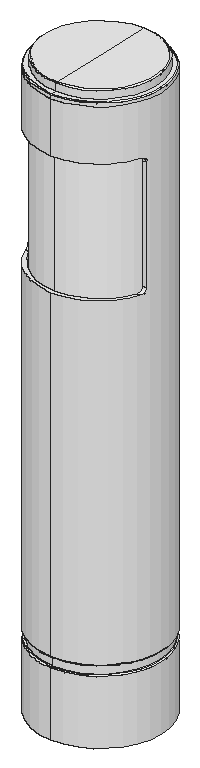
Revit family "Lighting_Outside_Focus-Lighting_Dua-Low-Bollard_Inground", category Lighting Fixtures, Revit 2018
Family settings
  Round Connector Dimension = Use Diameter
  Part Type = Normal
  OmniClass Number = 23.80.70.00
  OmniClass Title = Lighting
  Work Plane-Based = No
  Always vertical = Yes
  Cut with Voids When Loaded = No
  Light Source = Yes
  Shared = No
  Room Calculation Point = No
Parameters (values of type "Dua Low Bollard Inground - 12W, 350 mA, 2700 K, 90 Ra")
  Wattage = 9.2903 W
  WarrantyStartDate [instance] = "n/a"
  WarrantyGuarantorParts = "n/a"
  WarrantyGuarantorLabor = "n/a"
  WarrantyDurationUnit = "Years"
  WarrantyDurationParts = "n/a"
  WarrantyDurationLabor = "n/a"
  WarrantyDescription = "n/a"
  built-in parameter 1150110 = 1 (stored number, unit not read)
  VersionDate = "11/02/2021"  # constant formula
  Version = "1"  # constant formula
  UsageCurrent = 0.35 A
  Uniclass2015Reference = "Pr_70_70_48_32"
  Uniclass2015Description = "Free standing luminaires"
  Uniclass2 = "Pr_70_70_49"
  URL = "https://www.focus-lighting.dk/products/dua-bollard/"
  TotalWattage = 12 W
  built-in parameter 1114217 = 1 (stored number, unit not read)
  built-in parameter 1150109 = 1 (stored number, unit not read)
  built-in parameter 1150134 = (empty or 0)
  TagNumber [instance] = "n/a"
  SustainabilityPerformance = "n/a"
  built-in parameter 1150113 = 1 (stored number, unit not read)
  Size = "120x120x574 mm"
  Shape = "Sculptured"
  SerialNumber [instance] = "n/a"
  Revision = "n/a"  # constant formula
  ReplacementCost = "n/a"
  ProductInformation = "n/a"
  PhaseReference = "n/a"
  PhaseAngle = 0.00°
  NumberOfSources = 0
  NumberOfPoles = 1
  NominalWidth = 120 mm
  NominalVoltageCalc = 0 V
  NominalVoltage = 230 V
  NominalRadius = 60 mm
  NominalLength = 120 mm
  NominalHeight = 574 mm
  NominalFrequencyRange = 50 Hz
  NominalDiameter = 120 mm
  NominalCurrent = 0 A
  Name = "Dua-Low-Bollard_Inground"
  NBSReference = "90-60-50/405"
  NBSDescription = "General purpose luminaires"
  ModelReference = "n/a"
  ModelNumber = ArticleNumber  # "7856-"
  Model = "Dua Low Bollard Inground - 12W, 350 mA, 2700 K, 90 Ra"
  Material = "Aluminium"
  ManufacturersSpecificInformation = "n/a"
  ManufacturerURL = "https://www.focus-lighting.dk/home/"
  ManufacturerName = "Focus Lighting"
  Manufacturer = "Focus lighting"
  MaintenanceFactor = 0
  Lumens = 1380 lm
  built-in parameter 1150115 = 1 (stored number, unit not read)
  built-in parameter 1150105 = 109.82 (stored number, unit not read)
  LightFixturePlacingType = "Floor"
  LightFixtureMountingType = "Surface"
  LightFixtureMainMaterial [instance] = Aluminum black
  Light Source Symbol Size = 609.6 mm
  built-in parameter 1150137 = (empty or 0)
  built-in parameter 1150139 = (empty or 0)
  LensMaterial = Microprismatic acrylate
  built-in parameter 1150112 = 1 (stored number, unit not read)
  built-in parameter 1150114 = 1 (stored number, unit not read)
  InsulationStandardClass = "Class II; use code for Class I"
  InstallationDate [instance] = "n/a"
  built-in parameter 1150132 = 2
  built-in parameter 1150102 = (empty or 0)
  built-in parameter 1150138 = (empty or 0)
  built-in parameter 1150107 = 2700 (stored number, unit not read)
  built-in parameter 1150106 = 1.0982 (stored number, unit not read)
  IfcExportType = "NOTDEFINED"  # constant formula
  IfcExportAs = "IfcLightFixtureType"  # constant formula
  IP_Code = "IP66"
  HasProtectiveEarth = no
  Grade = "n/a"
  Finish = "Finish Graphite grey: YW355F, Akzo Nobel; Silver grey: Y2370I, Akzo Nobel; Corten brown: YX355F, Akzo Nobel; Black: Noir 900 Sablé, SN351F, Akzo Nobel. Shade Acrylic tube with inside spinned grooves."
  Features = "Mounting For embedment or on flanged base. Connection max three cables 5x16 mm2.LED type Bridgelux V8 and V6. Power consumption 12 W, 350 mA. Colour rendering min 90 Ra. Colour accuracy 3 steps SDCM."
  ExpectedLife = "Operational life min 100,000 hours at ta max 25° C, L80B10."
  ElectricalDeviceNominalPower = 0
  built-in parameter 1150104 = 13.8 (stored number, unit not read)
  DurationUnit = "Hours"
  Dimming Lamp Color Temperature Shift = <None>
  Designer = "Juul | Frost Arkitekter"
  Description = ""
  DefaultElevation = 0 mm
  Constituents = "n/a"
  Color Filter = 16777215
  Color = "Various"
  Collection = "Dua"
  CodePerformance = "n/a"
  Category = "Outside"
  Brand = "Focus lighting"
  Barcode [instance] = "n/a"
  built-in parameter 1114218 = 1 (stored number, unit not read)
  BIMObjectName = "Lighting_Outside_Focus-Lighting_Dua-Low-Bollard_Inground"
  built-in parameter 1150133 = 10 (stored number, unit not read)
  AssetType = "Fixed"
  AssetIdentifier [instance] = "n/a"
  ArticleNumber = "7856-"
  AccessibilityPerformance = "n/a"
Types (4, lengths in mm): name | built-in parameter 1150134 | Model | built-in parameter 1150107
  (no name) | (empty or 0) | "Dua Low Bollard Inground - 12W, 350 mA, 2700 K, 90 Ra" | 2700 (stored number, unit not read)
  Dua Low Bollard Inground - 12W, 350 mA, 2700 K, 90 Ra | (empty or 0) | "Dua Low Bollard Inground - 12W, 350 mA, 2700 K, 90 Ra" | 2700 (stored number, unit not read)
  Dua Low Bollard Inground - 12W, 350 mA, 3000 K, 90 Ra | (empty or 0) | "Dua Low Bollard Inground - 12W, 350 mA, 3000 K, 90 Ra" | 3000 (stored number, unit not read)
  Dua Low Bollard Inground - 12W, 350 mA, 4000 K, 90 Ra | 12 | "Dua Low Bollard Inground - 12W, 350 mA, 4000 K, 90 Ra" | 4000 (stored number, unit not read)
Reference planes
  plane 1 "Light Source Axis (F/B)": y = 0
  plane 2: z = 0
  plane 3 "Light Source Axis (L/R)": x = 0
  plane 4 "Light Source Elevation": z = 452
  plane 5: y = 60
  plane 6: x = -60
  plane 7: y = -60
  plane 8: x = 60
  plane 9: z = 574
Dimensions and locks
  equal spacing: plane 6, plane 3 "Light Source Axis (L/R)", plane 8
  equal spacing: plane 7, plane 1 "Light Source Axis (F/B)", plane 5
  "NominalWidth": plane 6 to plane 8
  "NominalLength": plane 7 to plane 5
  "NominalHeight": plane 9 to plane 2
  aligned and locked: plane 3 "Light Source Axis (L/R)" to imposter light
  aligned and locked: plane 1 "Light Source Axis (F/B)" to imposter light
  aligned and locked: plane 4 "Light Source Elevation" to imposter light
  aligned and locked: level to plane 2
  aligned and locked: plane 4 "Light Source Elevation" to nested 1
Nested families
  nested 1: "Dua-Low-Bollard_Inground" at (0, 0, 0), Acrylic <- "LensMaterial", BodyVarnished <- "LightFixtureMainMaterial", type "Dua-Low-Bollard_Inground"
    with BodyVarnished Aluminum black, Acrylic Microprismatic acrylate
Definition of nested family "Dua-Low-Bollard_Inground"
  Parameters (values of type "Dua-Low-Bollard_Inground")
    BodyVarnished [instance] = none
    Acrylic [instance] = none
  Reference planes
    plane 1 "Center (Front/Back)": y = 0
    plane 2: z = 0
    plane 3 "Center (Left/Right)": x = 0
    plane 4: y = 60
    plane 5: x = -60
    plane 6: z = 574
    plane 7: z = 452
    plane 8: x = 60
    plane 9: y = -60
  Forms (mm)
    Revolve 1, solid, material <- "BodyVarnished", detail levels medium+fine
      sketch origin (0, 0, 0) x (0, 1, 0) y (0, 0, 1)
        loop
          line (53.5, 574) -> (0, 574) -> (0, 559) -> (56, 559) -> (56, 562) -> (60, 562) -> (60, 565) -> (59, 566) -> (54.5, 566) -> (54.5, 573) -> (53.5, 574)
        axis (0, 559) -> (0, 574)
      angle from 0 to 360
    Revolve 2, solid, material <- "BodyVarnished", detail levels medium+fine
      sketch origin (0, 0, 0) x (0, 1, 0) y (0, 0, 1)
        loop
          line (56.5, 0) -> (60, 0) -> (60, 63) -> (59, 64) -> (57.5, 64) -> (57.5, 72) -> (59, 72) -> (60, 73) -> (60, 562) -> (56.5, 562) -> (56.5, 0)
        axis (0, 562) -> (0, 0)
      angle from 0 to 360
    Revolve 3, solid, material <- "Acrylic", detail levels medium+fine
      sketch origin (0, 0, 0) x (0, 1, 0) y (0, 0, 1)
        loop
          line (55, 554.5) -> (0, 554.5) -> (0, 551.5) -> (50, 551.5) -> (50, 493.25) -> (51.5, 493.25) -> (51.5, 489.75) -> (50, 489.75) -> (50, 473.25) -> (51.5, 473.25) -> (51.5, 469.75) -> (50, 469.75) -> (50, 453.25) -> (51.5, 453.25) -> (51.5, 449.75) -> (50, 449.75) -> (50, 433.25) -> (51.5, 433.25) -> (51.5, 429.75) -> (50, 429.75) -> (50, 413.25) -> (51.5, 413.25) -> (51.5, 409.75) -> (50, 409.75) -> (50, 167.5) -> (55, 167.5) -> (55, 554.5)
        loop
          line (0, 547.5) -> (0, 539.5) -> (48, 539.5) -> (49, 540.5) -> (49, 546.5) -> (48, 547.5) -> (0, 547.5)
        axis (0, 167.5) -> (0, 554.5)
      angle from 0 to 360
    Revolve 4, solid, material <- "BodyVarnished", detail levels medium+fine
      sketch origin (0, 0, 0) x (0, 1, 0) y (0, 0, 1)
        loop
          line (50, 0) -> (55, 0) -> (55, 165) -> (54, 166) -> (49.5, 166) -> (49.5, 175) -> (48.5, 176) -> (0, 176) -> (0, 161) -> (50, 161) -> (50, 0)
        axis (0, 0) -> (0, 176)
      angle from 0 to 360
    Extrusion 5, void
      sketch origin (0, 0, 0) x (0, 1, 0) y (0, 0, 1)
        loop
          line (-15.529, 397) -> (-15.529, 507)
          arc (-15.529, 507) -> (-16.994, 510.536) -> (-20.529, 512) r 5
          line (-20.529, 512) -> (-60, 512) -> (-60, 392) -> (-20.529, 392)
          arc (-20.529, 392) -> (-16.994, 393.464) -> (-15.529, 397) r 5
      from -60 to 60
    Extrusion 6, solid, material <- "BodyVarnished", detail levels coarse
      sketch origin (0, 0, 0) x (1, 0, 0) y (0, 1, 0)
        loop
          line (-60, 60) -> (-60, -60) -> (60, -60) -> (60, 60) -> (-60, 60)
      from 0 to 574
  Cuts and joins
    Extrusion 5 cuts Revolve 2
  Lines and regions (mm)
    symbolic lines, detail levels medium+fine
      curve 1: line (0, 0, 574) -> (0, 53.5, 574)
      curve 2: line (0, 53.5, 574) -> (0, 54.5, 573)
      curve 3: line (0, 54.5, 573) -> (0, 54.5, 566)
      curve 4: line (0, 54.5, 566) -> (0, 59, 566)
      curve 5: line (0, 59, 566) -> (0, 60, 565)
      curve 6: line (0, 60, 562) -> (0, 60, 73)
      curve 7: line (0, 60, 73) -> (0, 59, 72)
      curve 8: line (0, 59, 72) -> (0, 57.5, 72)
      curve 9: line (0, 57.5, 72) -> (0, 57.5, 64)
      curve 10: line (0, 57.5, 64) -> (0, 59, 64)
      curve 11: line (0, 59, 64) -> (0, 60, 63)
      curve 12: line (0, 60, 63) -> (0, 60, 0)
      curve 13: line (0, 0, 574) -> (0, -53.5, 574)
      curve 14: line (0, -53.5, 574) -> (0, -54.5, 573)
      curve 15: line (0, -54.5, 573) -> (0, -54.5, 566)
      curve 16: line (0, -54.5, 566) -> (0, -59, 566)
      curve 17: line (0, -59, 566) -> (0, -60, 565)
      curve 18: line (0, -60, 562) -> (0, -60, 512)
      curve 19: line (0, -60, 73) -> (0, -59, 72)
      curve 20: line (0, -59, 72) -> (0, -57.5, 72)
      curve 21: line (0, -57.5, 72) -> (0, -57.5, 64)
      curve 22: line (0, -57.5, 64) -> (0, -59, 64)
      curve 23: line (0, -59, 64) -> (0, -60, 63)
      curve 24: line (0, -60, 63) -> (0, -60, 0)
      curve 27: line (0, -55, 392) -> (0, -60, 392)
      curve 28: line (0, -55, 392) -> (0, -55, 512)
      curve 29: line (0, -55, 512) -> (0, -60, 512)
      curve 30: line (0, -60, 392) -> (0, -60, 73)
      curve 31: line (54.5, 0, 566) -> (54.5, 0, 573)
      curve 32: line (54.5, 0, 573) -> (53.5, 0, 574)
      curve 33: line (53.5, 0, 574) -> (-53.5, 0, 574)
      curve 34: line (60, 0, 565) -> (59, 0, 566)
      curve 35: line (59, 0, 566) -> (54.5, 0, 566)
      curve 36: line (60, 0, 0) -> (60, 0, 63)
      curve 37: line (60, 0, 63) -> (59, 0, 64)
      curve 38: line (59, 0, 64) -> (57.5, 0, 64)
      curve 39: line (57.5, 0, 64) -> (57.5, 0, 72)
      curve 40: line (57.5, 0, 72) -> (59, 0, 72)
      curve 41: line (59, 0, 72) -> (60, 0, 73)
      curve 42: line (60, 0, 73) -> (60, 0, 562)
      curve 43: line (60, 0, 562) -> (60, 0, 565)
      curve 44: line (0, -60, 565) -> (0, -60, 562)
      curve 46: line (0, 60, 562) -> (0, 60, 565)
      curve 49: line (-54.5, 0, 566) -> (-54.5, 0, 573)
      curve 50: line (-54.5, 0, 573) -> (-53.5, 0, 574)
      curve 51: line (-60, 0, 565) -> (-59, 0, 566)
      curve 52: line (-59, 0, 566) -> (-54.5, 0, 566)
      curve 53: line (-60, 0, 0) -> (-60, 0, 63)
      curve 54: line (-60, 0, 63) -> (-59, 0, 64)
      curve 55: line (-59, 0, 64) -> (-57.5, 0, 64)
      curve 56: line (-57.5, 0, 64) -> (-57.5, 0, 72)
      curve 57: line (-57.5, 0, 72) -> (-59, 0, 72)
      curve 58: line (-59, 0, 72) -> (-60, 0, 73)
      curve 59: line (-60, 0, 73) -> (-60, 0, 562)
      curve 60: line (-60, 0, 562) -> (-60, 0, 565)
      curve 81: line (0, -60, 0) -> (0, 60, 0)
      curve 83: circle (0, 0, 0) r 60 normal (0, 0, 1)
    symbolic lines, detail levels fine
      curve 25: line (0, 57.5, 64) -> (0, -57.5, 64)
      curve 26: line (0, -57.5, 72) -> (0, 57.5, 72)
      curve 45: line (0, -60, 562) -> (0, 60, 562)
      curve 47: line (0, 54.5, 566) -> (0, -54.5, 566)
      curve 48: line (60, 0, 562) -> (-60, 0, 562)
      curve 61: line (-57.5, 0, 64) -> (57.5, 0, 64)
      curve 62: line (57.5, 0, 72) -> (-57.5, 0, 72)
      curve 63: line (56.425, 0, 512) -> (-56.425, 0, 512)
      curve 64: line (56.429, 0, 392) -> (-56.429, 0, 392)
      curve 65: line (-54.324, 0, 508.136) -> (-54.324, 0, 396.735)
      curve 66: spline (-54.324, 0, 508.136) -> (-54.287, 0, 508.673) -> (-54.229, 0, 509.188) -> (-54.149, 0, 509.675) -> (-54.048, 0, 510.128) -> (-53.928, 0, 510.542) -> (-53.791, 0, 510.912) -> (-53.637, 0, 511.232) -> (-53.469, 0, 511.5) -> (-53.289, 0, 511.711) -> (-53.1, 0, 511.864) -> (-52.902, 0, 511.957) -> (-52.699, 0, 511.988)
      curve 67: spline (-52.694, 0, 392.013) -> (-52.897, 0, 392.052) -> (-53.097, 0, 392.17) -> (-53.291, 0, 392.365) -> (-53.475, 0, 392.634) -> (-53.647, 0, 392.972) -> (-53.805, 0, 393.375) -> (-53.945, 0, 393.835) -> (-54.066, 0, 394.347) -> (-54.166, 0, 394.901) -> (-54.243, 0, 395.49) -> (-54.296, 0, 396.105) -> (-54.324, 0, 396.735)
      curve 68: spline (-57.959, 0, 397) -> (-57.968, 0, 396.344) -> (-57.948, 0, 395.702) -> (-57.899, 0, 395.083) -> (-57.821, 0, 394.497) -> (-57.717, 0, 393.955) -> (-57.587, 0, 393.466) -> (-57.435, 0, 393.037) -> (-57.262, 0, 392.676) -> (-57.072, 0, 392.388) -> (-56.867, 0, 392.18) -> (-56.652, 0, 392.053) -> (-56.429, 0, 392.011)
      curve 69: line (-57.959, 0, 397) -> (-57.959, 0, 506.947)
      curve 70: spline (-56.425, 0, 511.989) -> (-56.624, 0, 511.946) -> (-56.819, 0, 511.817) -> (-57.008, 0, 511.606) -> (-57.187, 0, 511.315) -> (-57.353, 0, 510.95) -> (-57.504, 0, 510.516) -> (-57.636, 0, 510.02) -> (-57.748, 0, 509.472) -> (-57.838, 0, 508.881) -> (-57.903, 0, 508.256) -> (-57.944, 0, 507.607) -> (-57.959, 0, 506.947)
      curve 71: line (54.324, 0, 508.136) -> (54.324, 0, 396.735)
      curve 72: spline (54.324, 0, 508.136) -> (54.287, 0, 508.673) -> (54.229, 0, 509.188) -> (54.149, 0, 509.675) -> (54.048, 0, 510.128) -> (53.928, 0, 510.542) -> (53.791, 0, 510.912) -> (53.637, 0, 511.232) -> (53.469, 0, 511.5) -> (53.289, 0, 511.711) -> (53.1, 0, 511.864) -> (52.902, 0, 511.957) -> (52.699, 0, 511.988)
      curve 73: spline (52.694, 0, 392.013) -> (52.897, 0, 392.052) -> (53.097, 0, 392.17) -> (53.291, 0, 392.365) -> (53.475, 0, 392.634) -> (53.647, 0, 392.972) -> (53.805, 0, 393.375) -> (53.945, 0, 393.835) -> (54.066, 0, 394.347) -> (54.166, 0, 394.901) -> (54.243, 0, 395.49) -> (54.296, 0, 396.105) -> (54.324, 0, 396.735)
      curve 74: spline (57.959, 0, 397) -> (57.968, 0, 396.344) -> (57.948, 0, 395.702) -> (57.899, 0, 395.083) -> (57.821, 0, 394.497) -> (57.717, 0, 393.955) -> (57.587, 0, 393.466) -> (57.435, 0, 393.037) -> (57.262, 0, 392.676) -> (57.072, 0, 392.388) -> (56.867, 0, 392.18) -> (56.652, 0, 392.053) -> (56.429, 0, 392.011)
      curve 75: line (57.959, 0, 397) -> (57.959, 0, 506.947)
      curve 76: spline (56.425, 0, 511.989) -> (56.624, 0, 511.946) -> (56.819, 0, 511.817) -> (57.008, 0, 511.606) -> (57.187, 0, 511.315) -> (57.353, 0, 510.95) -> (57.504, 0, 510.516) -> (57.636, 0, 510.02) -> (57.748, 0, 509.472) -> (57.838, 0, 508.881) -> (57.903, 0, 508.256) -> (57.944, 0, 507.607) -> (57.959, 0, 506.947)
      curve 77: line (-54.5, 0, 566) -> (54.5, 0, 566)
      curve 78: circle (0, 0, 0) r 59 normal (0, 0, -1)
      curve 79: circle (0, 0, 0) r 54.5 normal (0, 0, 1)
      curve 80: circle (0, 0, 0) r 53.5 normal (0, 0, -1)
      curve 82: line (-60, 0, 0) -> (60, 0, 0)
  Dimensions and locks
    aligned and locked: level to plane 2
